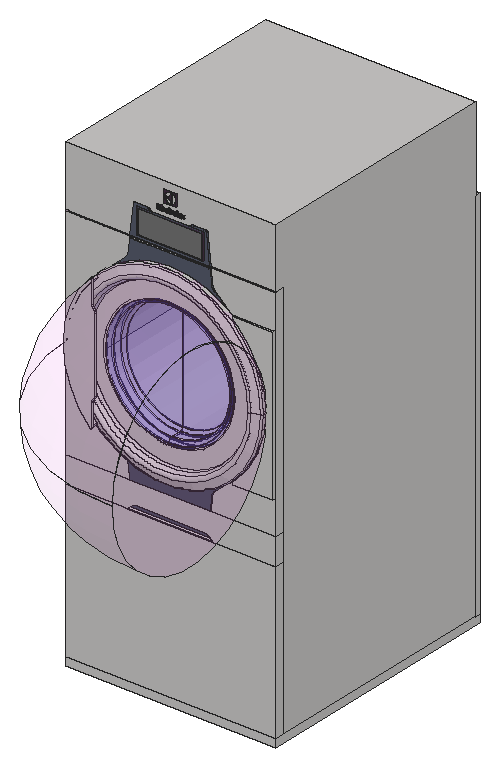
Revit family "QF_ELECTROLUXPROFESSIONAL_1L059Y_TD6-14_S", category Attrezzature speciali, Revit 2021
Family settings
  Quota connettore circolare = Usa diametro
  Tipo di parte = Normale
  Basato su piano di lavoro = No
  Sempre verticale = Sì
  Taglio con vuoti quando caricato = No
  Condiviso = No
  Punto di calcolo locali = No
Parameters (values of type "9873730187")
  Weight = 222
  Watts = 1000 W
  Volts = 220 V
  URL = "www.electroluxprofessional.com"
  Steam Supply Size [instance] = 25 mm
  Steam Supply Minimum Pressure [instance] = 100.0 Pa
  Steam Supply Maximum Pressure [instance] = 1000.0 Pa
  Steam Pounds per Hour = 0
  Steam Consumption per Hour [instance] = "0.0"
  Show Logo [instance] = yes
  Show Clearance [instance] = yes
  Sensible Heat Output = "0.0"
  Prospetto di default = 0 mm
  Produttore = "Electrolux Professional"
  Phase = 3
  Modello = "TD6-14"
  Length Actual = 790 mm
  Latent Heat Output = "0.0"
  Item Number = "1LSPPS"
  Height Actual = 1771 mm
  Gas KW = 0
  Descrizione = "TUMBLE DRYER TD6-14 14KG GALVA.DRUM STEAM 25KW 220/60/3 COMPASS PRO 6G82 EU SILVER DO.RIGHT STOP DISCON. EXT.CONN."
  Depth Actual = 965 mm
  Cycle = 60 Hz
  Corrente [instance] = "0.0"
  Condensate Return Size [instance] = 25 mm
Types (9, lengths in mm): name | Weight | Watts | Volts | Phase | Item Number | Descrizione | Depth Actual | Cycle | Corrente
  (no name) | 222 | 1000 W | 220 V | 3 | "1LSPPS" | "TUMBLE DRYER TD6-14 14KG GALVA.DRUM STEAM 25KW 220/60/3 COMPASS PRO 6G82 EU SILVER DO.RIGHT STOP DISCON. EXT.CONN." | 965 | 60 Hz | "0.0"
  9873730023 | 230 | 1000 W | 415 V | 3 | "1LSN2K" | "TUMBLE DRYER TD6-14 14KG GALVA.DRUM STEAM 25KW 380-415/50/3N COMPASS PRO 6G81 EU SILVER DO.RIGHT MB STOP DISCON." | 1105 | 50 Hz | "1.5"
  9873730109 | 230 | 1200 W | 240 V | 1 | "1LSNPS" | "TUMBLE DRYER TD6-14 14KG GALVA.DRUM STEAM 25KW 240/50/1N COMPASS PRO 6G82 EU SILVER DO.RIGHT STOP DISCON." | 1105 | 50 Hz | "5.0"
  9873730123 | 230 | 1200 W | 240 V | 1 | "1LSNV8" | "TUMBLE DRYER TD6-14 14KG GALVA.DRUM STEAM 25KW 240/60/1N COMPASS PRO 6G82 EU SILVER DO.RIGHT STOP DISCON." | 1105 | 60 Hz | "5.0"
  9873730184 | 222 | 1000 W | 400 V | 3 | "1L0H0C" | "TUMBLE DRYER TD6-14 MARINE 14KG GALVA.DRUM STEAM 25KW 400/50/3N COMPASS PRO 6G81 SE SILVER DO.RIGHT MB STOP DISCON." | 965 | 50 Hz | "1.4"
  9873730006 | 230 | 1000 W | 415 V | 3 | "1L0E4S" | "TUMBLE DRYER TD6-14 14KG GALVA.DRUM STEAM 25KW 380-415/50/3N COMPASS PRO 6G81 EU SILVER DO.RIGHT.INS. MB STOP DISCON." | 1105 | 50 Hz | "1.5"
  9873730059 | 230 | 1000 W | 400 V | 3 | "1L80E3" | "TUMBLE DRYER TD6-14 14KG SST DRUM STEAM 25KW 400/50/3 COMPASS PRO 6G81 EU SILVER DO.RIGHT MB STOP DISCON." | 1105 | 50 Hz | "1.4"
  9873730122 | 230 | 1200 W | 240 V | 1 | "1LSNV7" | "TUMBLE DRYER TD6-14 14KG GALVA.DRUM STEAM 25KW 240/60/1N COMPASS PRO 6G81 EU SILVER DO.RIGHT MB STOP DISCON." | 1105 | 60 Hz | "5.0"
  9873730187 | 222 | 1000 W | 220 V | 3 | "1LSPPS" | "TUMBLE DRYER TD6-14 14KG GALVA.DRUM STEAM 25KW 220/60/3 COMPASS PRO 6G82 EU SILVER DO.RIGHT STOP DISCON. EXT.CONN." | 965 | 60 Hz | "0.0"
Reference planes
  plane 1 "Center X": y = 53.8
  plane 2: z = 0
  plane 3 "Centro (Sinistra/Destra)": x = -499
  plane 4 "BACK": y = 414.5
  plane 5 "FRONT": y = -688.5
  plane 6 "LEFT": x = -799
  plane 7 "RIGHT": x = -6
  plane 8 "TOP": z = 1771
  plane 9: z = 544
Forms (mm)
  Extrusion 1, solid, material "QF_Finishes_Stainless Steel"
    sketch origin (718.1, -537.1, 598.796) x (0, 0, -1) y (0, 1, 0)
      loop
        line (568.796, 792.6) -> (-941.204, 792.6) -> (-941.204, -115.453) -> (568.796, -115.453) -> (568.796, 792.6)
    from -1517.1 to -724.1
  Extrusion 2, solid, material "QF_Finishes_Stainless Steel"
    sketch origin (718.1, -507.1, 598.796) x (0, 0, -1) y (0, 1, 0)
      loop
        line (568.796, 762.6) -> (568.796, 782.6) -> (-855.66, 782.6) -> (-855.66, 762.6) -> (568.796, 762.6)
    from -1517.1 to -724.1
  Sweep 3, solid, material "QF_Finishes_Black"
    path origin (686.327, -688.5, 1684.42) x (0, 0, -1) y (1, 0, 0)
      loop
        line (131.445, -962.809) -> (32.707, -962.809) -> (32.707, -1214.809) -> (131.445, -1214.809) -> (131.445, -962.809)
    profile origin (-276.482, -688.5, 1602.344) x (-1, 0, 0) y (0, -1, 0)
      loop
        line (5, 0) -> (5, 5)
        arc (5, 5) -> (1.464, 3.536) -> (0, 0) r 5
        line (0, 0) -> (5, 0)
  Extrusion 4, solid, material "QF_Finishes_Dark Grey"
    sketch origin (686.327, -688.5, 1684.42) x (0, 0, -1) y (1, 0, 0)
      loop
        line (126.445, -1209.809) -> (126.445, -967.809) -> (37.707, -967.809) -> (37.707, -1209.809) -> (126.445, -1209.809)
    from 0 to 4
  Extrusion 5, void
    sketch origin (889, -656.06, 1195.994) x (0, 0, -1) y (1, 0, 0)
      loop
        circle (69.994, -1291.5) r 245
    from -451.9 to 33.109
  Extrusion 6, solid, material "QF_Finishes_Stainless Steel"
    sketch origin (781.278, 255.5, 481.915) x (0, 0, 1) y (1, 0, 0)
      loop
        circle (1014.767, -897.278) r 15.184
    from 0 to 5.231
  Extrusion 7, solid, material "QF_Finishes_Stainless Steel"
    sketch origin (566.247, 275.5, 288.974) x (0, 0, 1) y (1, 0, 0)
      loop
        circle (-49.018, -1190.455) r 100
    from 0 to 5
  Extrusion 8, solid, material "QF_Finishes_Stainless Steel"
    sketch origin (-499, -139, 0) x (0, 1, 0) y (0, 0, 1)
      loop
        line (394.5, 1540) -> (394.5, 1771) -> (-549.5, 1771) -> (-549.5, 1541.816)
        arc (-549.5, 1541.816) -> (-548.968, 1540.532) -> (-547.684, 1540) r 1.816
        line (-547.684, 1540) -> (394.5, 1540)
    from -300 to 493
  Extrusion 9, solid, material "QF_Finishes_Stainless Steel"
    sketch origin (0, -139, 1114.3) x (-1, 0, 0) y (0, -1, 0)
      loop
        line (799, -414.5) -> (799, 549.5) -> (6, 549.5) -> (6, -414.5) -> (799, -414.5)
    from -1114.3 to -1084.3
  Extrusion 10, solid, material "QF_Finishes_Stainless Steel"
    sketch origin (-499, -257.96, 0) x (0, 1, 0) y (0, 0, 1)
      loop
        line (-394.593, 1540) -> (-430.54, 1540) -> (-430.54, 713.5) -> (-394.593, 713.5) -> (-394.593, 1540)
    from -300 to 493
  Extrusion 11, solid, material "QF_Finishes_Stainless Steel"
    sketch origin (-499, -257.96, 0) x (0, 1, 0) y (0, 0, 1)
      loop
        line (-430.54, 713.5) -> (-430.54, 613.5) -> (-394.593, 613.5) -> (-394.593, 713.5) -> (-430.54, 713.5)
    from -300 to 493
  Extrusion 12, solid, material "QF_Finishes_Stainless Steel"
    sketch origin (-499, -257.96, 0) x (0, 1, 0) y (0, 0, 1)
      loop
        line (-394.593, 613.5) -> (-430.54, 613.5) -> (-430.54, 30) -> (-394.593, 30) -> (-394.593, 613.5)
    from -300 to 493
  Sweep 13, solid, material "QF_Finishes_Stainless Steel"
    path origin (-409, -688.5, 1444.576) x (0, 0, -1) y (1, 0, 0)
      loop
        circle (318.576, 6.5) r 366.295
    profile origin (-402.5, -688.5, 1492.295) x (0, 0, -1) y (0, -1, 0)
      loop
        line (0, 0) -> (60.401, 0)
        arc (60.401, 0) -> (59.825, 6.814) -> (57.535, 13.257) r 26.651
        line (57.535, 13.257) -> (49.537, 28.994)
        arc (49.537, 28.994) -> (42.511, 35.32) -> (33.058, 35.302) r 13.156
        line (33.058, 35.302) -> (4.309, 24.168)
        arc (4.309, 24.168) -> (1.18, 21.691) -> (0, 17.88) r 6.744
        line (0, 17.88) -> (0, 0)
  Extrusion 14, solid, material "QF_Finishes_Stainless Steel"
    sketch origin (889, -828.525, 1195.994) x (0, 0, -1) y (1, 0, 0)
      loop
        line (353.669, -897.598) -> (-212.997, -897.549) -> (-213.01, -1046.361)
        arc (-213.01, -1046.361) -> (-212.131, -1048.481) -> (-210.011, -1049.36) r 2.999
        line (-210.011, -1049.36) -> (-204.852, -1049.36)
        arc (-204.852, -1049.36) -> (-80.8, -957.683) -> (69.994, -925.205) r 366.295
        arc (69.994, -925.205) -> (220.927, -957.746) -> (345.042, -1049.589) r 366.295
        line (345.042, -1049.589) -> (350.683, -1049.589)
        arc (350.683, -1049.589) -> (352.804, -1048.711) -> (353.682, -1046.59) r 2.999
        line (353.682, -1046.59) -> (353.669, -897.598)
    from -140.025 to -130.025
  Revolve 15, solid, material "QF_Door-Drawer Clearances", visible <- "Show Clearance"
    sketch origin (889, -688.5, 1195.994) x (0, 0, -1) y (1, 0, 0)
      loop
        circle (69.994, -1291.5) r 366.295
      axis (69.994, -924.023) -> (68.994, -924.023)
    angle from 0 to -90
  Revolve 16, solid, material "QF_Finishes_Glass"
    sketch origin (-409, -428.313, 555.02) x (0, 1, 0) y (0, 0, 1)
      loop
        arc (-190.673, 783.338) -> (-195.066, 793.945) -> (-205.673, 798.338) r 15
        line (-205.673, 798.338) -> (-244.95, 798.338)
        arc (-244.95, 798.338) -> (-252.021, 801.267) -> (-254.95, 808.338) r 10
        line (-254.95, 808.338) -> (-254.95, 816.338) -> (-259.95, 816.338) -> (-259.95, 808.338)
        arc (-259.95, 808.338) -> (-255.556, 797.732) -> (-244.95, 793.338) r 15
        line (-244.95, 793.338) -> (-205.673, 793.338)
        arc (-205.673, 793.338) -> (-198.602, 790.409) -> (-195.673, 783.338) r 10
        line (-195.673, 783.338) -> (-195.673, 570.975) -> (-190.673, 570.975) -> (-190.673, 783.338)
      axis (-259.95, 570.975) -> (-190.673, 570.975)
    angle from 0 to 360
  Extrusion 17, solid, material "QF_Finishes_Stainless Steel"
    sketch origin (-529, -688.5, 1444.576) x (0, 0, -1) y (1, 0, 0)
      loop
        arc (176.622, -119.08) -> (174.216, -119.45) -> (172.033, -120.527) r 8
        line (172.033, -120.527) -> (158.099, -130.284)
        arc (158.099, -130.284) -> (155.934, -131.338) -> (153.554, -131.7) r 8
        line (153.554, -131.7) -> (65.736, -131.7)
        arc (65.736, -131.7) -> (63.285, -133.352) -> (63.896, -136.244) r 2.645
        arc (63.896, -136.244) -> (318.617, -239.419) -> (573.315, -136.187) r 365.919
        arc (573.315, -136.187) -> (573.918, -133.331) -> (571.497, -131.7) r 2.612
        line (571.497, -131.7) -> (483.599, -131.7)
        arc (483.599, -131.7) -> (481.193, -131.33) -> (479.01, -130.253) r 8
        line (479.01, -130.253) -> (465.119, -120.527)
        arc (465.119, -120.527) -> (462.936, -119.45) -> (460.53, -119.08) r 8
        line (460.53, -119.08) -> (176.622, -119.08)
    from 44.672 to 48.96
  Extrusion 18, solid, material "QF_Finishes_Stainless Steel"
    sketch origin (-529, -737.46, 1444.576) x (0, 0, -1) y (1, 0, 0)
      loop
        arc (63.896, -136.244) -> (318.617, -239.419) -> (573.315, -136.187) r 365.919
        line (573.315, -136.187) -> (563.547, -131.7)
        arc (563.547, -131.7) -> (318.584, -229.419) -> (73.616, -131.711) r 355.919
        line (73.616, -131.711) -> (63.896, -136.244)
    from -4.287 to -26.937
  Extrusion 19, void
    sketch origin (-401.334, -688.5, 611.842) x (0, 0, 1) y (1, 0, 0)
      loop
        arc (1.908, -169.725) -> (2.027, -168.962) -> (2.374, -168.272) r 2.499
        line (2.374, -168.272) -> (21.699, -140.672)
        arc (21.699, -140.672) -> (23.335, -137.382) -> (23.898, -133.751) r 11.994
        line (23.898, -133.751) -> (23.897, 130.467)
        arc (23.897, 130.467) -> (23.336, 134.095) -> (21.703, 137.383) r 11.994
        line (21.703, 137.383) -> (2.374, 164.988)
        arc (2.374, 164.988) -> (2.027, 165.678) -> (1.908, 166.441) r 2.499
        line (1.908, 166.441) -> (1.908, -169.725)
    from 0 to 13.427
  Extrusion 20, solid, material "QF_Finishes_Blue"
    sketch origin (-499, -688.5, 893.425) x (0, 0, 1) y (-1, 0, 0)
      loop
        arc (767.274, 37.584) -> (765.819, 41.099) -> (762.304, 42.555) r 4.971
        line (762.304, 42.555) -> (650.575, 54.795) -> (650.575, -247.832) -> (761.659, -235.663)
        arc (761.659, -235.663) -> (765.63, -234.018) -> (767.274, -230.047) r 5.615
        line (767.274, -230.047) -> (767.274, -186.505)
        arc (767.274, -186.505) -> (766.484, -180.953) -> (764.209, -175.828) r 20.351
        line (764.209, -175.828) -> (758.288, -166.304) -> (758.288, -222.518) -> (659.55, -222.518) -> (659.55, 29.482) -> (758.288, 29.482) -> (758.288, -26.732) -> (764.209, -17.208)
        arc (764.209, -17.208) -> (766.483, -12.086) -> (767.274, -6.538) r 20.35
        line (767.274, -6.538) -> (767.274, 37.584)
    from 0 to 1.6
  Extrusion 21, solid, material "QF_Finishes_Blue"
    sketch origin (-499, -688.5, 893.425) x (0, 0, 1) y (-1, 0, 0)
      loop
        arc (594.486, 60.933) -> (579.244, 65.533) -> (566.695, 75.331) r 43.3
        line (566.695, 75.331) -> (532.276, 114.098)
        arc (532.276, 114.098) -> (598.87, -96.026) -> (532.82, -306.322) r 366.295
        line (532.82, -306.322) -> (566.695, -268.167)
        arc (566.695, -268.167) -> (579.244, -258.37) -> (594.486, -253.77) r 43.3
        line (594.486, -253.77) -> (642.075, -248.6) -> (642.075, 55.764) -> (594.486, 60.933)
    from 0 to 1.6
  Extrusion 22, solid, material "QF_Finishes_Blue"
    sketch origin (-499, -688.5, 893.425) x (0, 0, 1) y (-1, 0, 0)
      loop
        line (-129.403, 60.926) -> (-176.925, 55.764) -> (-176.925, -248.6) -> (-129.403, -253.763)
        arc (-129.403, -253.763) -> (-114.123, -258.355) -> (-101.544, -268.169) r 43.3
        line (-101.544, -268.169) -> (-67.671, -306.321)
        arc (-67.671, -306.321) -> (-133.72, -96.026) -> (-67.127, 114.098) r 366.295
        line (-67.127, 114.098) -> (-101.544, 75.332)
        arc (-101.544, 75.332) -> (-114.123, 65.518) -> (-129.403, 60.926) r 43.3
    from 0 to 1.6
  Extrusion 23, solid, material "QF_Finishes_Stainless Steel"
    sketch origin (718.1, 275.5, 30) x (0, 0, 1) y (1, 0, 0)
      loop
        line (661.465, -1322.6) -> (1361.465, -1322.6) -> (1361.465, -918.6) -> (661.465, -918.6) -> (661.465, -1322.6)
    from 0 to 139
  Extrusion 24, solid, material "QF_Finishes_Stainless Steel"
    sketch origin (718.1, 414.5, 30) x (0, 0, 1) y (1, 0, 0)
      loop
        circle (1313.965, -1120.6) r 16.6
    from 0 to 5.2
  Extrusion 25, solid, material "QF_Finishes_Stainless Steel"
    sketch origin (718.1, 414.5, -575.6) x (0, 0, 1) y (1, 0, 0)
      loop
        circle (1313.965, -1120.6) r 16.6
    from 0 to 5.2
Cuts and joins
  Extrusion 5 cuts Extrusion 1
  Extrusion 5 cuts Extrusion 8
  joined: Extrusion 1, Extrusion 8
  Extrusion 5 cuts Extrusion 10
  Extrusion 19 cuts Extrusion 11
Lines and regions (mm)
  Split face 1
    outline origin (-6, -688.5, 1540) x (-1, 0, 0) y (0, 0, -1)
      loop
        circle (396.5, 414) r 305.895
  symbolic lines
    curve 1: line (-6, 275.5, 1771) -> (-799, 275.5, 1771)
    curve 2: line (-799, -688.5, 1771) -> (-6, -688.5, 1771)
    curve 3: line (-6, 275.5, 0) -> (-6, -688.5, 0)
    curve 4: line (-799, 275.5, 0) -> (-799, -688.5, 0)
    curve 7: line (-604.5, 275.5, 0) -> (-604.5, 414.5, 0)
    curve 8: line (-604.5, 414.5, 0) -> (-200.5, 414.5, 0)
    curve 9: line (-200.5, 414.5, 0) -> (-200.5, 275.5, 0)
  symbolic lines, style "QF_Door-Drawer Clearances"
    curve 5: line (-35.023, -1422.272, 0) -> (-35.023, -689.681, 0)
    curve 6: arc (-35.023, -1422.272, 0) -> (-553.879, -1207.355, 0) -> (-768.795, -688.5, 0) r 733.772
Dimensions and locks
  plane 6 "LEFT" to plane 3 "Centro (Sinistra/Destra)" to plane 7 "RIGHT" = 300 mm, 493 mm
  plane 6 "LEFT" to plane 7 "RIGHT" = 793 mm
  plane 4 "BACK" to plane 5 "FRONT" = 1103 mm  (x2)
  plane 4 "BACK" to plane 1 "Center X" to plane 5 "FRONT" = 360.7 mm, 742.3 mm
  plane 8 "TOP" to level = 1771 mm
  Extrusion 2 to Extrusion 2 = 1424.455 mm
  Extrusion 2 to Extrusion 7 sketch curve = 174.791 mm
  Extrusion 9 to Extrusion 7 sketch curve = 239.955 mm
  aligned and locked: level to plane 2
  aligned and locked: Extrusion 1 to plane 6 "LEFT"
  aligned and locked: plane 7 "RIGHT" to Extrusion 1
  aligned and locked: Extrusion 2 to plane 6 "LEFT"
  aligned and locked: plane 7 "RIGHT" to Extrusion 2
  aligned and locked: plane 7 "RIGHT" to Extrusion 8
  aligned and locked: Extrusion 8 to plane 6 "LEFT"
  aligned and locked: plane 7 "RIGHT" to Extrusion 12
  aligned and locked: Extrusion 12 to plane 6 "LEFT"
  aligned and locked: Extrusion 11 to plane 6 "LEFT"
  aligned and locked: plane 7 "RIGHT" to Extrusion 11
  aligned and locked: Extrusion 10 to plane 6 "LEFT"
  aligned and locked: plane 7 "RIGHT" to Extrusion 10
  aligned and locked: Extrusion 18 to Extrusion 17
Nested families
  nested 1: "ELX_Logo_S_New" at (-415.511, -688.5, 1674.59) x (1, 0, 0) z (0, -1, 0), type "ELX_Logo_S_New"
    with Material QF_Finishes_Black
  nested 2: "ELX_Logo_Symbol_S" at (-394.886, -688.5, 1729.274) x (-1, 0, 0) z (0, -1, 0), type "ELX_Logo_Symbol_S"
    with Material QF_Finishes_Black
Connectors
  piping at (-624.209, 280.5, 239.955), diameter 200
    settings: on Extrusion 7, index 3, connector inside diameter 609.6 mm, connector length 0 mm, flow factor 0, pipe flow 0.0 L/s, pressure drop 0.0 Pa, fitting loss kfactor 0, connector angle 0.00°, fixture units 0, engagement length 0 mm, angle of deflection 0.00°, flow configuration 1, flow direction 2, fitting loss method 0, system type 8, joint type 0, gender type 0, connector reference index -1, connector utility 0, adjustable connector no, is connector primary yes, connector description "Exhaust Connection"
  electrical at (-116, 260.731, 1496.682)
    settings: on Extrusion 6, index 4, voltage 0 V, apparent load 0 VA, apparent load phase1 0 VA, apparent load phase2 0 VA, apparent load phase3 0 VA, power factor 1, load classification "Other", number of poles 1, system type 30, power factor state 1, is connector primary yes, connector utility no, sub classification motor no, connector description "Electrical Connection"
  piping at (-402.5, 419.7, 1343.965), diameter 33.2
    settings: on Extrusion 24, index 5, connector inside diameter 609.6 mm, connector length 0 mm, flow factor 0, pipe flow 0.0 L/s, pressure drop 0.0 Pa, fitting loss kfactor 0, connector angle 0.00°, fixture units 0, engagement length 0 mm, angle of deflection 0.00°, flow configuration 1, flow direction 1, fitting loss method 0, system type 7, joint type 0, gender type 0, connector reference index -1, connector utility 0, adjustable connector no, is connector primary no, connector description "Steam Connection"
  piping at (-402.5, 419.7, 738.365), diameter 33.2
    settings: on Extrusion 25, index 6, connector inside diameter 609.6 mm, connector length 0 mm, flow factor 0, pipe flow 0.0 L/s, pressure drop 0.0 Pa, fitting loss kfactor 0, connector angle 0.00°, fixture units 0, engagement length 0 mm, angle of deflection 0.00°, flow configuration 1, flow direction 1, fitting loss method 0, system type 7, joint type 0, gender type 0, connector reference index -1, connector utility 0, adjustable connector no, is connector primary no, connector description "Condesate Connection"
Definition of nested family "ELX_Logo_S_New"
  Parameters
    Material [instance] = none
    Default Elevation = 0 mm
  Reference planes
    plane 1 "Centro (Fronte/Retro)": y = 0
    plane 2: z = 0
    plane 3 "Centro (Sinistra/Destra)": x = 0
  Forms (mm)
    Extrusion 1, solid
      sketch origin (0, 0, 0) x (1, 0, 0) y (0, 1, 0)
        loop
          line (-1219.2, 1219.2) -> (-1219.2, -1219.2) -> (1219.2, -1219.2) -> (1219.2, 1219.2) -> (-1219.2, 1219.2)
      from 0 to -304.8
    Extrusion 2, solid, material <- "Material"
      sketch origin (0, 0, 0) x (1, 0, 0) y (0, 1, 0)
        loop
          spline (-31.006, -2.781) -> (-31.24, -2.771) -> (-31.49, -2.739) -> (-31.748, -2.68) -> (-32.009, -2.591) -> (-32.264, -2.469) -> (-32.508, -2.308) -> (-32.732, -2.105) -> (-32.932, -1.857) -> (-33.099, -1.559) -> (-33.226, -1.207) -> (-33.308, -0.798) -> (-33.337, -0.327)
          line (-33.337, -0.327) -> (-33.337, 1.761) -> (-26.444, 1.761) -> (-26.444, 4.423) -> (-33.338, 4.423) -> (-33.338, 8.299) -> (-26.005, 8.299) -> (-26.005, 10.954) -> (-36.159, 10.954) -> (-36.159, -0.206)
          spline (-36.159, -0.206) -> (-36.134, -0.893) -> (-36.057, -1.54) -> (-35.927, -2.145) -> (-35.743, -2.707) -> (-35.503, -3.222) -> (-35.206, -3.689) -> (-34.85, -4.106) -> (-34.433, -4.47) -> (-33.955, -4.779) -> (-33.414, -5.031) -> (-32.809, -5.223) -> (-32.137, -5.354)
          line (-32.137, -5.354) -> (-31.029, -5.433) -> (-25.809, -5.433) -> (-25.809, -2.781) -> (-31.006, -2.781)
        loop
          line (-23.804, 3.211) -> (-23.804, -5.437) -> (-20.982, -5.437) -> (-20.982, 10.958) -> (-23.804, 10.958) -> (-23.804, 3.211)
        loop
          spline (-7.052, -0.2) -> (-7.034, 0.688) -> (-7.119, 1.546) -> (-7.304, 2.368) -> (-7.586, 3.144) -> (-7.962, 3.868) -> (-8.426, 4.531) -> (-8.977, 5.126) -> (-9.61, 5.644) -> (-10.321, 6.077) -> (-11.107, 6.419) -> (-11.964, 6.66) -> (-12.889, 6.793)
          spline (-12.889, 6.793) -> (-13.767, 6.742) -> (-14.602, 6.592) -> (-15.387, 6.346) -> (-16.116, 6.008) -> (-16.782, 5.583) -> (-17.379, 5.073) -> (-17.902, 4.483) -> (-18.343, 3.816) -> (-18.697, 3.077) -> (-18.958, 2.269) -> (-19.119, 1.395) -> (-19.174, 0.46)
          spline (-19.174, 0.46) -> (-19.121, -0.452) -> (-18.964, -1.304) -> (-18.71, -2.094) -> (-18.362, -2.816) -> (-17.926, -3.468) -> (-17.406, -4.045) -> (-16.808, -4.544) -> (-16.137, -4.96) -> (-15.397, -5.291) -> (-14.594, -5.532) -> (-13.733, -5.679) -> (-12.817, -5.729)
          spline (-12.817, -5.729) -> (-12.371, -5.719) -> (-11.93, -5.685) -> (-11.493, -5.626) -> (-11.062, -5.54) -> (-10.636, -5.425) -> (-10.216, -5.277) -> (-9.8, -5.096) -> (-9.391, -4.879) -> (-8.987, -4.623) -> (-8.588, -4.326) -> (-8.196, -3.987) -> (-7.809, -3.603)
          line (-7.809, -3.603) -> (-9.51, -1.949)
          spline (-9.51, -1.949) -> (-9.734, -2.164) -> (-9.959, -2.362) -> (-10.188, -2.542) -> (-10.422, -2.703) -> (-10.662, -2.846) -> (-10.913, -2.971) -> (-11.174, -3.077) -> (-11.449, -3.163) -> (-11.739, -3.231) -> (-12.047, -3.28) -> (-12.374, -3.309) -> (-12.723, -3.319)
          spline (-12.723, -3.319) -> (-13.234, -3.294) -> (-13.713, -3.219) -> (-14.158, -3.098) -> (-14.568, -2.931) -> (-14.94, -2.72) -> (-15.272, -2.469) -> (-15.562, -2.177) -> (-15.809, -1.849) -> (-16.009, -1.485) -> (-16.162, -1.088) -> (-16.264, -0.659) -> (-16.314, -0.2)
          line (-16.314, -0.2) -> (-7.052, -0.2)
        loop
          spline (-9.888, 1.784) -> (-9.915, 2.133) -> (-9.995, 2.469) -> (-10.124, 2.788) -> (-10.298, 3.088) -> (-10.514, 3.365) -> (-10.768, 3.615) -> (-11.056, 3.836) -> (-11.376, 4.024) -> (-11.722, 4.176) -> (-12.092, 4.289) -> (-12.482, 4.359) -> (-12.889, 4.383)
          spline (-12.889, 4.383) -> (-13.325, 4.36) -> (-13.744, 4.291) -> (-14.144, 4.18) -> (-14.52, 4.03) -> (-14.868, 3.844) -> (-15.186, 3.624) -> (-15.469, 3.375) -> (-15.715, 3.099) -> (-15.919, 2.798) -> (-16.077, 2.477) -> (-16.186, 2.138) -> (-16.243, 1.784)
          line (-16.243, 1.784) -> (-9.888, 1.784)
        loop
          spline (-2.737, 0.532) -> (-2.704, 1.057) -> (-2.61, 1.555) -> (-2.457, 2.022) -> (-2.249, 2.455) -> (-1.991, 2.851) -> (-1.685, 3.205) -> (-1.336, 3.514) -> (-0.948, 3.775) -> (-0.524, 3.984) -> (-0.067, 4.138) -> (0.417, 4.233) -> (0.926, 4.265)
          spline (0.926, 4.265) -> (1.238, 4.255) -> (1.537, 4.226) -> (1.824, 4.178) -> (2.098, 4.112) -> (2.362, 4.027) -> (2.615, 3.925) -> (2.858, 3.806) -> (3.093, 3.67) -> (3.318, 3.518) -> (3.536, 3.349) -> (3.746, 3.165) -> (3.95, 2.966)
          line (3.95, 2.966) -> (5.699, 4.785)
          spline (5.699, 4.785) -> (5.351, 5.133) -> (4.992, 5.446) -> (4.624, 5.724) -> (4.246, 5.969) -> (3.859, 6.181) -> (3.463, 6.362) -> (3.059, 6.512) -> (2.646, 6.633) -> (2.226, 6.725) -> (1.8, 6.79) -> (1.366, 6.828) -> (0.926, 6.841)
          spline (0.926, 6.841) -> (0.044, 6.786) -> (-0.801, 6.626) -> (-1.601, 6.367) -> (-2.349, 6.014) -> (-3.037, 5.573) -> (-3.658, 5.051) -> (-4.204, 4.453) -> (-4.668, 3.785) -> (-5.041, 3.053) -> (-5.318, 2.263) -> (-5.489, 1.421) -> (-5.548, 0.532)
          spline (-5.548, 0.532) -> (-5.489, -0.357) -> (-5.318, -1.199) -> (-5.041, -1.989) -> (-4.668, -2.721) -> (-4.204, -3.389) -> (-3.658, -3.987) -> (-3.037, -4.509) -> (-2.349, -4.95) -> (-1.601, -5.303) -> (-0.801, -5.562) -> (0.044, -5.722) -> (0.926, -5.777)
          spline (0.926, -5.777) -> (1.366, -5.764) -> (1.8, -5.726) -> (2.226, -5.662) -> (2.646, -5.569) -> (3.059, -5.449) -> (3.463, -5.298) -> (3.859, -5.117) -> (4.246, -4.905) -> (4.624, -4.66) -> (4.992, -4.382) -> (5.351, -4.069) -> (5.699, -3.721)
          line (5.699, -3.721) -> (3.95, -1.902)
          spline (3.95, -1.902) -> (3.746, -2.101) -> (3.536, -2.285) -> (3.318, -2.453) -> (3.093, -2.606) -> (2.858, -2.742) -> (2.615, -2.861) -> (2.362, -2.964) -> (2.098, -3.048) -> (1.824, -3.114) -> (1.537, -3.162) -> (1.238, -3.191) -> (0.926, -3.201)
          spline (0.926, -3.201) -> (0.417, -3.169) -> (-0.067, -3.074) -> (-0.524, -2.92) -> (-0.948, -2.711) -> (-1.336, -2.45) -> (-1.685, -2.141) -> (-1.991, -1.787) -> (-2.249, -1.391) -> (-2.457, -0.958) -> (-2.61, -0.491) -> (-2.704, 0.007) -> (-2.737, 0.532)
        loop
          spline (12.895, -2.785) -> (12.646, -2.789) -> (12.379, -2.77) -> (12.102, -2.724) -> (11.82, -2.646) -> (11.542, -2.531) -> (11.274, -2.376) -> (11.024, -2.175) -> (10.797, -1.924) -> (10.602, -1.618) -> (10.445, -1.253) -> (10.334, -0.824) -> (10.275, -0.327)
          line (10.275, -0.327) -> (10.275, 3.855) -> (12.842, 3.855) -> (12.842, 6.419) -> (10.278, 6.419) -> (10.278, 10.958) -> (7.456, 10.958) -> (7.456, -0.488)
          spline (7.456, -0.488) -> (7.516, -1.152) -> (7.626, -1.776) -> (7.785, -2.359) -> (7.996, -2.899) -> (8.26, -3.392) -> (8.577, -3.837) -> (8.951, -4.232) -> (9.38, -4.575) -> (9.868, -4.864) -> (10.415, -5.096) -> (11.023, -5.27) -> (11.693, -5.383)
          line (11.693, -5.383) -> (12.885, -5.437) -> (12.895, -2.785)
        loop
          spline (22.391, 6.583) -> (21.903, 6.613) -> (21.433, 6.605) -> (20.982, 6.558) -> (20.553, 6.476) -> (20.145, 6.358) -> (19.76, 6.207) -> (19.401, 6.022) -> (19.067, 5.807) -> (18.76, 5.561) -> (18.482, 5.286) -> (18.234, 4.984) -> (18.016, 4.655)
          line (18.016, 4.655) -> (18.016, 6.418) -> (15.217, 6.418) -> (15.217, -5.437) -> (18.016, -5.437) -> (18.016, 0.797)
          spline (18.016, 0.797) -> (18.042, 1.269) -> (18.118, 1.71) -> (18.242, 2.117) -> (18.412, 2.488) -> (18.627, 2.822) -> (18.884, 3.117) -> (19.182, 3.371) -> (19.518, 3.583) -> (19.892, 3.751) -> (20.3, 3.873) -> (20.742, 3.947) -> (21.215, 3.972)
          line (21.215, 3.972) -> (22.391, 3.855) -> (22.391, 6.583)
        loop
          spline (35.761, 0.49) -> (35.702, 1.36) -> (35.53, 2.189) -> (35.253, 2.971) -> (34.878, 3.698) -> (34.414, 4.364) -> (33.867, 4.963) -> (33.246, 5.488) -> (32.558, 5.932) -> (31.811, 6.289) -> (31.013, 6.552) -> (30.171, 6.715) -> (29.293, 6.771)
          spline (29.293, 6.771) -> (28.409, 6.715) -> (27.564, 6.552) -> (26.763, 6.289) -> (26.016, 5.932) -> (25.328, 5.488) -> (24.708, 4.963) -> (24.163, 4.364) -> (23.701, 3.698) -> (23.328, 2.971) -> (23.053, 2.189) -> (22.882, 1.36) -> (22.823, 0.49)
          spline (22.823, 0.49) -> (22.882, -0.379) -> (23.053, -1.208) -> (23.328, -1.989) -> (23.701, -2.716) -> (24.163, -3.382) -> (24.708, -3.981) -> (25.328, -4.506) -> (26.016, -4.951) -> (26.763, -5.308) -> (27.564, -5.571) -> (28.409, -5.734) -> (29.293, -5.79)
          spline (29.293, -5.79) -> (30.171, -5.734) -> (31.013, -5.571) -> (31.811, -5.308) -> (32.558, -4.951) -> (33.246, -4.506) -> (33.867, -3.981) -> (34.414, -3.382) -> (34.878, -2.716) -> (35.253, -1.989) -> (35.53, -1.208) -> (35.702, -0.379) -> (35.761, 0.49)
        loop
          spline (32.961, 0.49) -> (32.929, 1.004) -> (32.833, 1.493) -> (32.679, 1.955) -> (32.47, 2.385) -> (32.21, 2.779) -> (31.903, 3.134) -> (31.553, 3.445) -> (31.164, 3.709) -> (30.739, 3.921) -> (30.283, 4.077) -> (29.8, 4.174) -> (29.293, 4.207)
          spline (29.293, 4.207) -> (28.781, 4.174) -> (28.294, 4.077) -> (27.836, 3.921) -> (27.411, 3.709) -> (27.022, 3.445) -> (26.673, 3.134) -> (26.368, 2.779) -> (26.11, 2.385) -> (25.903, 1.955) -> (25.75, 1.493) -> (25.656, 1.004) -> (25.624, 0.49)
          spline (25.624, 0.49) -> (25.656, -0.022) -> (25.75, -0.512) -> (25.903, -0.973) -> (26.11, -1.403) -> (26.368, -1.798) -> (26.673, -2.153) -> (27.022, -2.464) -> (27.411, -2.728) -> (27.836, -2.94) -> (28.294, -3.096) -> (28.781, -3.193) -> (29.293, -3.226)
          spline (29.293, -3.226) -> (29.8, -3.193) -> (30.283, -3.096) -> (30.739, -2.94) -> (31.164, -2.728) -> (31.553, -2.464) -> (31.903, -2.153) -> (32.21, -1.798) -> (32.47, -1.403) -> (32.679, -0.973) -> (32.833, -0.512) -> (32.929, -0.022) -> (32.961, 0.49)
        loop
          line (37.497, 3.493) -> (37.497, -5.437) -> (40.321, -5.437) -> (40.321, 10.958) -> (37.497, 10.958) -> (37.497, 3.493)
        loop
          line (50.501, 6.418) -> (50.501, -0.473)
          spline (50.501, -0.473) -> (50.478, -0.921) -> (50.412, -1.325) -> (50.305, -1.686) -> (50.159, -2.005) -> (49.978, -2.282) -> (49.763, -2.52) -> (49.517, -2.718) -> (49.243, -2.878) -> (48.943, -3.001) -> (48.619, -3.087) -> (48.275, -3.139) -> (47.913, -3.155)
          spline (47.913, -3.155) -> (47.55, -3.139) -> (47.206, -3.088) -> (46.883, -3.001) -> (46.583, -2.879) -> (46.309, -2.72) -> (46.063, -2.523) -> (45.849, -2.287) -> (45.667, -2.012) -> (45.522, -1.696) -> (45.414, -1.339) -> (45.348, -0.94) -> (45.326, -0.498)
          line (45.326, -0.498) -> (45.326, 6.418) -> (42.479, 6.418) -> (42.479, -0.733)
          spline (42.479, -0.733) -> (42.53, -1.543) -> (42.676, -2.28) -> (42.911, -2.945) -> (43.228, -3.537) -> (43.621, -4.058) -> (44.082, -4.508) -> (44.604, -4.888) -> (45.18, -5.197) -> (45.804, -5.437) -> (46.468, -5.607) -> (47.165, -5.709) -> (47.89, -5.743)
          spline (47.89, -5.743) -> (48.62, -5.709) -> (49.323, -5.605) -> (49.993, -5.432) -> (50.621, -5.189) -> (51.203, -4.875) -> (51.729, -4.491) -> (52.194, -4.034) -> (52.59, -3.506) -> (52.91, -2.905) -> (53.147, -2.231) -> (53.295, -1.484) -> (53.346, -0.662)
          line (53.346, -0.662) -> (53.346, 6.418) -> (50.501, 6.418)
        loop
          line (64.026, -1.646) -> (62.246, 0.843) -> (64.45, 3.846) -> (66.338, 6.418) -> (63.257, 6.418) -> (60.692, 2.866) -> (58.105, 6.418) -> (55.047, 6.418) -> (56.801, 4.02) -> (59.14, 0.82) -> (56.689, -2.595) -> (54.647, -5.437) -> (57.682, -5.437) -> (60.692, -1.25) -> (63.703, -5.437) -> (66.738, -5.437) -> (64.026, -1.646)
      from 0 to 1.644
  Dimensions and locks
    aligned and locked: plane 2 to Extrusion 1
    aligned and locked: level to Extrusion 1
Definition of nested family "ELX_Logo_Symbol_S"
  Parameters
    Material [instance] = none
    Default Elevation = 0 mm
  Reference planes
    plane 1 "Centro (Fronte/Retro)": y = 0
    plane 2: z = 0
    plane 3 "Centro (Sinistra/Destra)": x = 0
  Forms (mm)
    Extrusion 1, solid
      sketch origin (0, 0, 0) x (1, 0, 0) y (0, 1, 0)
        loop
          line (-1219.2, 1219.2) -> (-1219.2, -1219.2) -> (1219.2, -1219.2) -> (1219.2, 1219.2) -> (-1219.2, 1219.2)
      from 0 to -304.8
    Extrusion 2, solid, material <- "Material"
      sketch origin (94.462, 558.781, 0) x (1, 0, 0) y (0, 1, 0)
        loop
          line (-92.971, -571.574) -> (-92.971, -531.14)
          arc (-92.971, -531.14) -> (-107.917, -551.357) -> (-92.971, -571.574) r 21.146
        loop
          arc (-90.914, -571.574) -> (-74.098, -567.752) -> (-65.997, -552.529) r 20.723
          line (-65.997, -552.529) -> (-72.686, -552.529)
          arc (-72.686, -552.529) -> (-84.636, -557.38) -> (-90.914, -568.646) r 19.424
          line (-90.914, -568.646) -> (-90.914, -571.574)
        loop
          arc (-90.914, -534.068) -> (-84.636, -545.334) -> (-72.686, -550.185) r 19.424
          line (-72.686, -550.185) -> (-65.997, -550.185)
          arc (-65.997, -550.185) -> (-74.085, -534.837) -> (-90.914, -530.621) r 21.265
          line (-90.914, -530.621) -> (-90.914, -534.068)
        loop
          line (-64.462, -573.781) -> (-64.462, -528.842) -> (-109.462, -528.842) -> (-109.462, -573.781) -> (-64.462, -573.781)
      from 0 to 1.644
  Dimensions and locks
    aligned and locked: plane 2 to Extrusion 1
    aligned and locked: level to Extrusion 1
